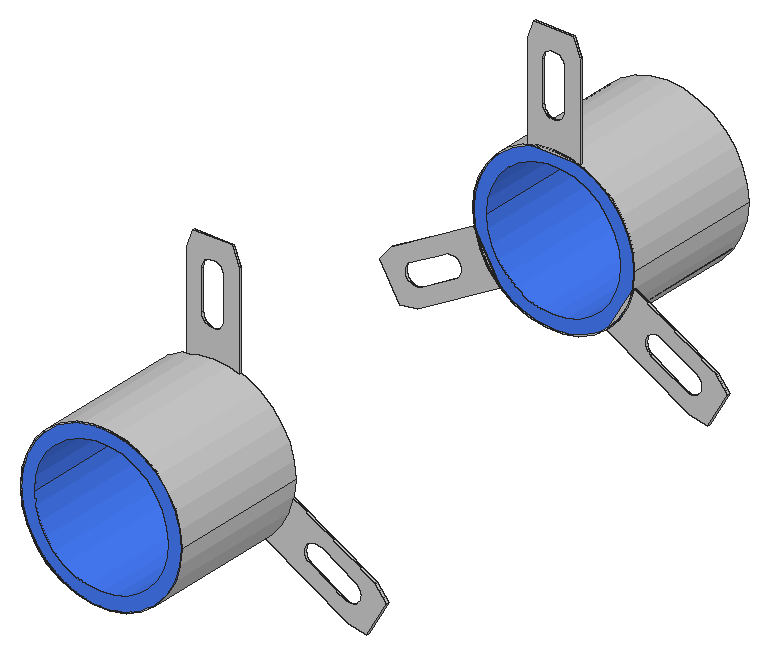
Revit family "Firestop-Wrap_Strip-STI-Series_SS_WBLU_Sealant_1_to_4_wall", category Specialty Equipment, host Wall, Revit 2026
Family settings
  Host = Wall
  Round Connector Dimension = Use Diameter
  Part Type = Normal
  Classification Number = 23.20.50.14.11
  Enable Cutting in Views = No
  Always vertical = Yes
  Cut with Voids When Loaded = No
  Maintain Annotation Orientation = No
  Shared = No
  Room Calculation Point = No
Parameters (values of type "01.5 Pipe")
  Tested Systems = "http://sti.fmpdata.net/system_search.html"
  Product Page URL = "http://www.stifirestop.com/products/product-selector/ssw-intumescent-wrap-strip/"
  Product Documentation Link = "http://files.systems.stifirestop.com/4.%20Product%20Data%20Sheets/1.%20English/PDS_SSW125,%20SSW250,%20SSW375%20Wrap%20Strip.pdf"
  Pipe OD = 0' - 1 115/128"
  Material = ""
  Manufacturer Phone No. = "800.992.1180"
  Manufacturer Fax No. = "908.526.9623"
  Manufacture Address = "210 Evans Way, Somerville, NJ 08876"
  MSDS = "http://files.systems.stifirestop.com/5.%20Safety%20Data%20Sheet/1.%20English/SDS_BLU%20Wrap%20Strip.pdf"
  Locate Distributor = "http://www.stifirestop.com/"
  Guide Specification = "http://www.stifirestop.com/technical-library/sti-guide-specs/"
  Green Building/LEED® Information = "http://sti.fmpdata.net/ftp/letters/General_LEED_Letter.pdf"
  Firestop-STI-Intumescent-Blue = Rap Blue
  URL = "http://www.stifirestop.com/"
  Stack Height = 0' - 2"
  Screw hole Width = 0' - 0 5/16"
  Mounting tabs small Width = 0' - 0 9/16"
  Mounting tabs large Width = 0' - 0 3/4"
  Mounting tabs ID = 0' - 1 11/128"
  Model = "SSWBLU"
  Manufacturer = "Specified Technologies Inc."
  Fire Rating = "Up to 4 Hr"
  Description = "Blue Wrap Strip (2\" X 3/16\" X 12')"
  Default Elevation = 0' - 0"
  Contact Technical Service = "http://www.stifirestop.com/contact/"
  ID of Collar = 0' - 2 35/128"
  Contact Sales = "http://www.stifirestop.com/contact/"
  Galvanized-STI-Steel-Collar = Collar
  Color = ""
  Assembly Code = "D4030900"
Types (7): name | Pipe OD | Material | Screw hole Width | Mounting tabs small Width | Mounting tabs large Width | Mounting tabs ID | ID of Collar | Color
  (no name) | 0' - 1 115/128" | "" | 0' - 0 5/16" | 0' - 0 9/16" | 0' - 0 3/4" | 0' - 1 11/128" | 0' - 2 35/128" | ""
  04 Pipe | 0' - 4 1/2" | "" | 0' - 0 3/8" | 0' - 0 1/2" | 0' - 1" | 0' - 2 131/256" | 0' - 5 5/8" | ""
  03 Pipe | 0' - 3 1/2" | "" | 0' - 0 3/8" | 0' - 0 1/2" | 0' - 1" | 0' - 2 131/256" | 0' - 5 1/8" | ""
  02 Pipe | 0' - 2 3/8" | "Flexible intumescent strip faced with plastic" | 0' - 0 5/16" | 0' - 0 9/16" | 0' - 0 3/4" | 0' - 1 83/256" | 0' - 2 3/4" | "BLUE"
  02.5 Pipe | 0' - 2 7/8" | "" | 0' - 0 5/16" | 0' - 0 9/16" | 0' - 0 3/4" | 0' - 1 195/256" | 0' - 3 5/8" | ""
  03.5 Pipe | 0' - 4" | "" | 0' - 0 3/8" | 0' - 0 1/2" | 0' - 1" | 0' - 2 83/256" | 0' - 4 3/4" | ""
  01.5 Pipe | 0' - 1 115/128" | "" | 0' - 0 5/16" | 0' - 0 9/16" | 0' - 0 3/4" | 0' - 1 11/128" | 0' - 2 35/128" | ""
Reference planes (in)
  plane 1: y = 0.33538
  plane 2 "Center (Left/Right)": x = 0
  plane 3 "Wall Edge": y = 3.33538
  plane 4: z = 75.23468
  plane 5: x = 1.13672
  plane 6: x = -1.13672
  plane 7: y = 5.33538
  plane 8: x = 0.375
  plane 9: x = 0.28125
  plane 10: x = 0.15625
  plane 11: x = -0.375
  plane 12: x = -0.28125
  plane 13: x = -0.15625
  plane 14: z = 76.32061
  plane 15: z = 76.91436
  plane 16: z = 77.47686
  plane 17: z = 77.66436
  plane 18: z = 77.91436
  plane 19: y = 3.35938
  plane 20: through (0, 9, 75.23468) normal (-0.5, 0, 0.866)
  plane 21: through (0, 9, 75.23468) normal (-0.5, 0, -0.866)
  plane 22: through (-7.07109, 9, 62.98719) normal (0.866, 0, -0.5)
  plane 23: through (-7.07109, 9, 87.48217) normal (-0.866, 0, -0.5)
  plane 24: through (-2.59494, 9, 74.1695) normal (-0.5, 0, 0.866)
  plane 25: through (-2.54807, 9, 74.08831) normal (-0.5, 0, 0.866)
  plane 26: through (-2.48557, 9, 73.98006) normal (-0.5, 0, 0.866)
  plane 27: through (-2.21994, 9, 73.51998) normal (-0.5, 0, 0.866)
  plane 28: through (-2.26682, 9, 73.60117) normal (-0.5, 0, 0.866)
  plane 29: through (-2.32932, 9, 73.70942) normal (-0.5, 0, 0.866)
  plane 30: through (-2.53244, 9, 74.06125) normal (-0.5, 0, 0.866)
  plane 31: through (-2.50119, 9, 74.00712) normal (-0.5, 0, 0.866)
  plane 32: through (-2.28244, 9, 73.62823) normal (-0.5, 0, 0.866)
  plane 33: through (-2.31369, 9, 73.68236) normal (-0.5, 0, 0.866)
  plane 34: through (-8.01154, 9, 86.9392) normal (-0.866, 0, -0.5)
  plane 35: through (2.21994, 9, 73.51998) normal (-0.5, 0, -0.866)
  plane 36: through (2.26682, 9, 73.60117) normal (-0.5, 0, -0.866)
  plane 37: through (2.32932, 9, 73.70942) normal (-0.5, 0, -0.866)
  plane 38: through (2.59494, 9, 74.1695) normal (-0.5, 0, -0.866)
  plane 39: through (2.54807, 9, 74.08831) normal (-0.5, 0, -0.866)
  plane 40: through (2.48557, 9, 73.98006) normal (-0.5, 0, -0.866)
  plane 41: through (-6.13064, 9, 62.44422) normal (0.866, 0, -0.5)
  plane 42: through (-5.61644, 9, 62.14734) normal (0.866, 0, -0.5)
  plane 43: through (-5.1293, 9, 61.86609) normal (0.866, 0, -0.5)
  plane 44: through (-4.96692, 9, 61.77234) normal (0.866, 0, -0.5)
  plane 45: through (-4.75041, 9, 61.64734) normal (0.866, 0, -0.5)
  plane 46: x = 0.94922
  plane 47: x = -0.94922
  plane 48: y = -2.68862
  plane 49: y = -4.65737
  plane 50: through (-8.52574, 9, 86.64232) normal (-0.866, 0, -0.5)
  plane 51: through (-9.01288, 9, 86.36107) normal (-0.866, 0, -0.5)
  plane 52: through (-9.17526, 9, 86.26732) normal (-0.866, 0, -0.5)
  plane 53: through (-9.39177, 9, 86.14232) normal (-0.866, 0, -0.5)
  plane 54: x = 1.14872
  plane 55: x = -1.14872
  plane 56: y = -2.65737
Forms (in)
  Extrusion 1, solid, material "Collar" <- "Galvanized-STI-Steel-Collar"
    sketch origin (0, 3.33538, 0) x (1, 0, 0) y (0, 0, 1)
      loop
        line (-0.375, 76.32061) -> (0.375, 76.32061) -> (0.375, 77.66436) -> (0.28125, 77.91436) -> (-0.28125, 77.91436) -> (-0.375, 77.66436) -> (-0.375, 76.32061)
      loop
        arc (0.15625, 77.47686) -> (0, 77.63311) -> (-0.15625, 77.47686) r 0.15625
        line (-0.15625, 77.47686) -> (-0.15625, 76.91436)
        arc (-0.15625, 76.91436) -> (0, 76.75811) -> (0.15625, 76.91436) r 0.15625
        line (0.15625, 76.91436) -> (0.15625, 77.47686)
    from -0.024 to 0
  Extrusion 2, solid, material "Collar" <- "Galvanized-STI-Steel-Collar"
    sketch origin (-65.15514, 3.08538, 112.85201) x (-0.5, 0, -0.866025) y (0.866025, 0, -0.5)
      loop
        line (-0.375, 76.32061) -> (0.375, 76.32061) -> (0.375, 77.66436) -> (0.28125, 77.91436) -> (-0.28125, 77.91436) -> (-0.375, 77.66436) -> (-0.375, 76.32061)
      loop
        arc (0.15625, 77.47686) -> (0, 77.63311) -> (-0.15625, 77.47686) r 0.15625
        line (-0.15625, 77.47686) -> (-0.15625, 76.91436)
        arc (-0.15625, 76.91436) -> (0, 76.75811) -> (0.15625, 76.91436) r 0.15625
        line (0.15625, 76.91436) -> (0.15625, 77.47686)
    from -0.274 to -0.25
  Extrusion 3, solid, material "Collar" <- "Galvanized-STI-Steel-Collar"
    sketch origin (0, 10.33538, 0) x (1, 0, 0) y (0, 0, 1)
      loop
        line (-0.375, 76.32061) -> (0.375, 76.32061) -> (0.375, 77.66436) -> (0.28125, 77.91436) -> (-0.28125, 77.91436) -> (-0.375, 77.66436) -> (-0.375, 76.32061)
      loop
        arc (0.15625, 77.47686) -> (0, 77.63311) -> (-0.15625, 77.47686) r 0.15625
        line (-0.15625, 77.47686) -> (-0.15625, 76.91436)
        arc (-0.15625, 76.91436) -> (0, 76.75811) -> (0.15625, 76.91436) r 0.15625
        line (0.15625, 76.91436) -> (0.15625, 77.47686)
    from 13 to 13.024
  Extrusion 4, solid, material "Collar" <- "Galvanized-STI-Steel-Collar"
    sketch origin (65.15514, 12.33538, 112.85201) x (-0.5, 0, 0.866025) y (-0.866025, 0, -0.5)
      loop
        line (-0.375, 76.32061) -> (0.375, 76.32061) -> (0.375, 77.66436) -> (0.28125, 77.91436) -> (-0.28125, 77.91436) -> (-0.375, 77.66436) -> (-0.375, 76.32061)
      loop
        arc (0.15625, 77.47686) -> (0, 77.63311) -> (-0.15625, 77.47686) r 0.15625
        line (-0.15625, 77.47686) -> (-0.15625, 76.91436)
        arc (-0.15625, 76.91436) -> (0, 76.75811) -> (0.15625, 76.91436) r 0.15625
        line (0.15625, 76.91436) -> (0.15625, 77.47686)
    from 8.976 to 9
  Extrusion 5, solid, material "Collar" <- "Galvanized-STI-Steel-Collar"
    sketch origin (-65.15514, 2.25476, 112.85201) x (-0.5, 0, -0.866025) y (0.866025, 0, -0.5)
      loop
        line (-0.375, 76.32061) -> (0.375, 76.32061) -> (0.375, 77.66436) -> (0.28125, 77.91436) -> (-0.28125, 77.91436) -> (-0.375, 77.66436) -> (-0.375, 76.32061)
      loop
        arc (0.15625, 77.47686) -> (0, 77.63311) -> (-0.15625, 77.47686) r 0.15625
        line (-0.15625, 77.47686) -> (-0.15625, 76.91436)
        arc (-0.15625, 76.91436) -> (0, 76.75811) -> (0.15625, 76.91436) r 0.15625
        line (0.15625, 76.91436) -> (0.15625, 77.47686)
    from 4.91937 to 4.94337
  Extrusion 6, solid, material "Collar" <- "Galvanized-STI-Steel-Collar"
    sketch origin (65.15514, 11.50476, 112.85201) x (-0.5, 0, 0.866025) y (-0.866025, 0, -0.5)
      loop
        line (-0.375, 76.32061) -> (0.375, 76.32061) -> (0.375, 77.66436) -> (0.28125, 77.91436) -> (-0.28125, 77.91436) -> (-0.375, 77.66436) -> (-0.375, 76.32061)
      loop
        arc (0.15625, 77.47686) -> (0, 77.63311) -> (-0.15625, 77.47686) r 0.15625
        line (-0.15625, 77.47686) -> (-0.15625, 76.91436)
        arc (-0.15625, 76.91436) -> (0, 76.75811) -> (0.15625, 76.91436) r 0.15625
        line (0.15625, 76.91436) -> (0.15625, 77.47686)
    from 14.16937 to 14.19337
  Extrusion 7, solid, material "Collar" <- "Galvanized-STI-Steel-Collar"
    sketch origin (0, 3.33538, 0) x (1, 0, 0) y (0, 0, 1)
      loop
        circle (0, 75.23468) r 1.14872
      loop
        circle (0, 75.23468) r 1.13672
    from -2 to 0
  Extrusion 8, solid, material "Collar" <- "Galvanized-STI-Steel-Collar"
    sketch origin (0, -2.66462, 0) x (1, 0, 0) y (0, 0, -1)
      loop
        circle (0, -75.23468) r 1.14872
      loop
        circle (0, -75.23468) r 1.13672
    from -1.99275 to 0
  Extrusion 9, solid, material "Rap Blue" <- "Firestop-STI-Intumescent-Blue"
    sketch origin (0, 3.33538, 0) x (1, 0, 0) y (0, 0, 1)
      loop
        circle (0, 75.23468) r 1.13672
      loop
        circle (0, 75.23468) r 0.94922
    from -2 to 0
  Extrusion 10, solid, material "Rap Blue" <- "Firestop-STI-Intumescent-Blue"
    sketch origin (0, 3.33538, 0) x (1, 0, 0) y (0, 0, 1)
      loop
        circle (0, 75.23468) r 1.13672
      loop
        circle (0, 75.23468) r 0.94922
    from 6 to 7.99275
Lines and regions (in)
  Opening 1
    outline origin (-60, -2.66462, 0) x (1, 0, 0) y (0, 0, 1)
      loop
        circle (60, 75.23468) r 0.94922
Text (in)
  text "Placement Side" at (0, 22.0041, 123.01588), in view "Right"
  text "Placement Side" at (-70.3804, 28.46503, 0), in view "Ref. Level"
  text "Placement Side" at (0, 81.56103, 140.59947), in view "Left"
Dimensions and locks (in)
  locked: plane 3 "Wall Edge" to host wall
  equal spacing: plane 10, plane 2 "Center (Left/Right)", plane 13
  "Screw hole Width": plane 10 to plane 13
  equal spacing: plane 9, plane 2 "Center (Left/Right)", plane 12
  "Mounting tabs small Width": plane 9 to plane 12
  equal spacing: plane 8, plane 2 "Center (Left/Right)", plane 11
  "Mounting tabs large Width": plane 8 to plane 11
  equal spacing: plane 5, plane 2 "Center (Left/Right)", plane 6
  "ID of Collar": plane 5 to plane 6
  "Screw hole Width": plane 26 to plane 29
  "Mounting tabs small Width": plane 25 to plane 28
  "Mounting tabs large Width": plane 24 to plane 27
  equal spacing: plane 29, plane 20, plane 26
  equal spacing: plane 28, plane 20, plane 25
  equal spacing: plane 27, plane 20, plane 24
  equal spacing: plane 33, plane 20, plane 31
  equal spacing: plane 32, plane 20, plane 30
  "Screw hole Width": plane 37 to plane 40
  "Mounting tabs small Width": plane 36 to plane 39
  "Mounting tabs large Width": plane 35 to plane 38
  equal spacing: plane 37, plane 21, plane 40
  equal spacing: plane 36, plane 21, plane 39
  equal spacing: plane 35, plane 21, plane 38
  "Mounting tabs ID": plane 4 to plane 14
  locked: plane 14 to plane 18 at 1.59375
  locked: plane 17 to plane 18 at 0.25
  locked: plane 16 to plane 18 at 0.4375
  locked: plane 15 to plane 18 at 1
  "Mounting tabs ID": plane 34 to plane 23
  locked: plane 45 to plane 41 at 1.59375
  "Mounting tabs ID": plane 41 to plane 22
  locked: plane 45 to plane 44 at 0.25
  locked: plane 45 to plane 43 at 0.4375
  locked: plane 45 to plane 42 at 1
  equal spacing: plane 46, plane 2 "Center (Left/Right)", plane 47
  "Pipe OD": plane 46 to plane 47
  locked: plane 19 to plane 3 "Wall Edge" at 0.024
  equal spacing: plane 19, plane 1, plane 48
  locked: plane 53 to plane 52 at 0.25
  locked: plane 53 to plane 51 at 0.4375
  locked: plane 53 to plane 50 at 1
  locked: plane 53 to plane 34 at 1.59375
  locked: plane 54 to plane 5 at 0.012
  locked: plane 55 to plane 6 at 0.012
  "Stack Height": plane 7 to plane 3 "Wall Edge"
  "Stack Height": plane 56 to plane 49
  locked: plane 56 to plane 48 at 0.03125
  aligned and locked: plane 11 to Extrusion 1 sketch curve  (x2)
  aligned and locked: Extrusion 1 sketch curve to plane 8
  aligned and locked: Extrusion 1 sketch curve to plane 14
  aligned and locked: plane 18 to Extrusion 1 sketch curve  (x2)
  aligned and locked: Extrusion 1 sketch curve to plane 9
  aligned and locked: plane 12 to Extrusion 1 sketch curve
  aligned and locked: Extrusion 1 sketch curve to plane 10  (x2)
  aligned and locked: plane 13 to Extrusion 1 sketch curve  (x2)
  aligned and locked: Extrusion 1 to host wall
  aligned and locked: plane 19 to Extrusion 1
  aligned and locked: plane 38 to Extrusion 2 sketch curve  (x2)
  aligned and locked: Extrusion 2 sketch curve to plane 35
  aligned and locked: Extrusion 2 sketch curve to plane 41
  aligned and locked: plane 45 to Extrusion 2 sketch curve  (x2)
  aligned and locked: Extrusion 2 sketch curve to plane 36
  aligned and locked: plane 39 to Extrusion 2 sketch curve
  aligned and locked: Extrusion 2 sketch curve to plane 37  (x2)
  aligned and locked: plane 40 to Extrusion 2 sketch curve  (x2)
  aligned and locked: plane 46 to Opening 1 sketch curve
  aligned and locked: plane 47 to Opening 1 sketch curve
  aligned and locked: Extrusion 3 to host wall
  aligned and locked: Extrusion 3 to plane 48
  aligned and locked: plane 19 to Extrusion 2
  aligned and locked: Extrusion 2 to host wall
  aligned and locked: Extrusion 4 to host wall
  aligned and locked: Extrusion 1 to Extrusion 4
  aligned and locked: Extrusion 6 to plane 48
  aligned and locked: Extrusion 6 to host wall
  aligned and locked: Extrusion 5 to host wall
  aligned and locked: Extrusion 5 to plane 48
  aligned and locked: plane 4 to Extrusion 7 sketch curve  (x2)
  aligned and locked: plane 55 to Extrusion 7 sketch curve
  aligned and locked: plane 5 to Extrusion 7 sketch curve
  aligned and locked: plane 7 to Extrusion 7
  aligned and locked: Extrusion 7 to host wall
  aligned and locked: Extrusion 8 to plane 49
  aligned and locked: Extrusion 8 to host wall
  aligned and locked: plane 5 to Extrusion 9 sketch curve
  aligned and locked: plane 46 to Extrusion 9 sketch curve
  aligned and locked: plane 7 to Extrusion 9
  aligned and locked: Extrusion 9 to host wall
  aligned and locked: plane 5 to Extrusion 10 sketch curve
  aligned and locked: plane 46 to Extrusion 10 sketch curve
  aligned and locked: Extrusion 10 to plane 49
  aligned and locked: Extrusion 10 to host wall
Automatic sketch dimensions
  Extrusion 1 sketch curve to plane 15 = 0' - 0"
  Extrusion 1 sketch curve to plane 16 = 0' - 0"
  Extrusion 1 sketch curve to plane 17 = 0' - 0"  (x2)
  Extrusion 2 sketch curve to plane 42 = 0' - 0"
  Extrusion 2 sketch curve to plane 43 = 0' - 0"
  Extrusion 2 sketch curve to plane 44 = 0' - 0"  (x2)
  Opening 1 sketch curve to Opening 1 sketch curve = 0' - 0"
  Opening 1 sketch curve to plane 4 = 0' - 0"
  plane 11 to Extrusion 3 sketch curve = 0' - 0"
  plane 12 to Extrusion 3 sketch curve = 0' - 0"
  plane 13 to Extrusion 3 sketch curve = 0' - 0"
  Extrusion 3 sketch curve to plane 2 "Center (Left/Right)" = 0' - 0"
  Extrusion 3 sketch curve to plane 9 = 0' - 0"
  plane 8 to Extrusion 3 sketch curve = 0' - 0"
  Extrusion 3 sketch curve to plane 14 = 0' - 0"
  Extrusion 3 sketch curve to plane 15 = 0' - 0"
  Extrusion 3 sketch curve to plane 16 = 0' - 0"
  Extrusion 3 sketch curve to plane 17 = 0' - 0"  (x2)
  Extrusion 3 sketch curve to plane 18 = 0' - 0"
  Extrusion 4 sketch curve to plane 27 = 0' - 0"
  Extrusion 4 sketch curve to plane 28 = 0' - 0"
  Extrusion 4 sketch curve to plane 29 = 0' - 0"
  plane 20 to Extrusion 4 sketch curve = 0' - 0"
  plane 25 to Extrusion 4 sketch curve = 0' - 0"
  Extrusion 4 sketch curve to plane 24 = 0' - 0"
  plane 34 to Extrusion 4 sketch curve = 0' - 0"
  plane 50 to Extrusion 4 sketch curve = 0' - 0"
  plane 51 to Extrusion 4 sketch curve = 0' - 0"
  plane 52 to Extrusion 4 sketch curve = 0' - 0"  (x2)
  plane 53 to Extrusion 4 sketch curve = 0' - 0"
  Extrusion 5 sketch curve to plane 38 = 0' - 0"
  Extrusion 5 sketch curve to plane 39 = 0' - 0"
  Extrusion 5 sketch curve to plane 40 = 0' - 0"
  plane 21 to Extrusion 5 sketch curve = 0' - 0"
  plane 36 to Extrusion 5 sketch curve = 0' - 0"
  Extrusion 5 sketch curve to plane 35 = 0' - 0"
  Extrusion 5 sketch curve to plane 41 = 0' - 0"
  Extrusion 5 sketch curve to plane 42 = 0' - 0"
  Extrusion 5 sketch curve to plane 43 = 0' - 0"
  Extrusion 5 sketch curve to plane 44 = 0' - 0"  (x2)
  Extrusion 5 sketch curve to plane 45 = 0' - 0"
  Extrusion 6 sketch curve to plane 27 = 0' - 0"
  Extrusion 6 sketch curve to plane 28 = 0' - 0"
  Extrusion 6 sketch curve to plane 29 = 0' - 0"
  plane 20 to Extrusion 6 sketch curve = 0' - 0"
  plane 25 to Extrusion 6 sketch curve = 0' - 0"
  Extrusion 6 sketch curve to plane 24 = 0' - 0"
  plane 34 to Extrusion 6 sketch curve = 0' - 0"
  plane 50 to Extrusion 6 sketch curve = 0' - 0"
  plane 51 to Extrusion 6 sketch curve = 0' - 0"
  plane 52 to Extrusion 6 sketch curve = 0' - 0"  (x2)
  plane 53 to Extrusion 6 sketch curve = 0' - 0"
  Extrusion 7 sketch curve to Extrusion 7 sketch curve = 0' - 0"  (x6)
  plane 6 to Extrusion 7 sketch curve = 0' - 0"
  Extrusion 8 sketch curve to Extrusion 8 sketch curve = 0' - 0"  (x12)
  Extrusion 8 sketch curve to plane 4 = 0' - 0"
  plane 55 to Extrusion 8 sketch curve = 0' - 0"
  plane 6 to Extrusion 8 sketch curve = 0' - 0"
  Extrusion 8 sketch curve to plane 2 "Center (Left/Right)" = 0' - 0"
  Extrusion 9 sketch curve to Extrusion 9 sketch curve = 0' - 0"  (x12)
  Extrusion 9 sketch curve to plane 4 = 0' - 0"
  plane 6 to Extrusion 9 sketch curve = 0' - 0"
  Extrusion 10 sketch curve to Extrusion 10 sketch curve = 0' - 0"  (x2)
  Extrusion 10 sketch curve to plane 4 = 0' - 0"
  plane 47 to Extrusion 10 sketch curve = 0' - 0"
